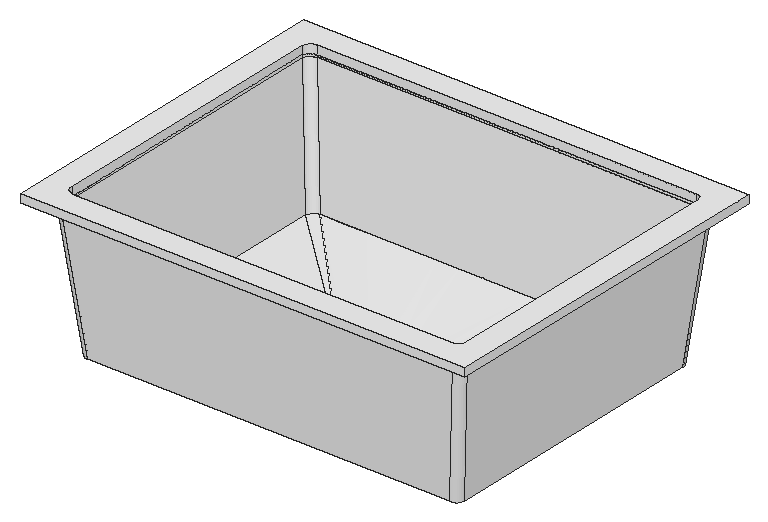
Revit family "BUILDMAT-SGQSSW03-Kenneth-Granite-Sink-White", category Plumbing Fixtures, host Face, Revit 2026
Family settings
  Host = Face
  Round Connector Dimension = Use Diameter
  Part Type = Normal
  Enable Cutting in Views = Yes
  Cut with Voids When Loaded = Yes
  Maintain Annotation Orientation = No
  Shared = No
  Room Calculation Point = No
Parameters
  Width = 430 mm
  Sink_Material = BUILDMAT Matte White Granite
  Length = 540 mm
  Drain_Material = BUILDMAT Stainless Steel
  Default Elevation = 1219.2 mm
Reference planes
  plane 1 "Center (Front/Back)": y = 0
  plane 2: z = 0
  plane 3 "Center (Left/Right)": x = 0
  plane 4: y = 215
  plane 5: y = -215
  plane 6: x = -270
  plane 7: x = 270
  plane 8: x = -240
  plane 9: x = 240
  plane 10: y = 185
  plane 11: y = -185
  plane 12: z = 10
  plane 13: z = -170
  plane 14: z = -190
  plane 15: x = 222.5
  plane 16: x = -222.5
  plane 17: y = 167.5
  plane 18: y = -167.5
  plane 19: x = 57
  plane 20: x = -57
  plane 21: x = 45
  plane 22: x = -45
  plane 23: y = 57
  plane 24: y = 45
  plane 25: y = -45
  plane 26: y = -57
Forms (mm)
  Extrusion 1, solid, material "BUILDMAT Matte White Granite" <- "Sink_Material"
    sketch origin (0, 0, 0) x (1, 0, 0) y (0, 1, 0)
      loop
        line (-270, 215) -> (-270, -215) -> (270, -215) -> (270, 215) -> (-270, 215)
      loop
        arc (-230, 185) -> (-237.071, 182.071) -> (-240, 175) r 10
        line (-240, 175) -> (-240, -175)
        arc (-240, -175) -> (-237.071, -182.071) -> (-230, -185) r 10
        line (-230, -185) -> (230, -185)
        arc (230, -185) -> (237.071, -182.071) -> (240, -175) r 10
        line (240, -175) -> (240, 175)
        arc (240, 175) -> (237.071, 182.071) -> (230, 185) r 10
        line (230, 185) -> (-230, 185)
    from 0 to 10
  Extrusion 2, void
    sketch origin (0, 0, 0) x (1, 0, 0) y (0, 1, 0)
      loop
        line (-258, 203) -> (-258, -203) -> (258, -203) -> (258, 203) -> (-258, 203)
    from -190 to 0
  Extrusion 3, solid, material "BUILDMAT Matte White Granite" <- "Sink_Material"
    sketch origin (0, 0, 0) x (1, 0, 0) y (0, 1, 0)
      loop
        line (-258, 203) -> (-258, -203) -> (258, -203) -> (258, 203) -> (-258, 203)
      loop
        arc (-230, 185) -> (-237.071, 182.071) -> (-240, 175) r 10
        line (-240, 175) -> (-240, -175)
        arc (-240, -175) -> (-237.071, -182.071) -> (-230, -185) r 10
        line (-230, -185) -> (230, -185)
        arc (230, -185) -> (237.071, -182.071) -> (240, -175) r 10
        line (240, -175) -> (240, 175)
        arc (240, 175) -> (237.071, 182.071) -> (230, 185) r 10
        line (230, 185) -> (-230, 185)
    from -3 to 0
  SweptBlend 4, solid, material "BUILDMAT Matte White Granite" <- "Sink_Material"
    path origin (0, 0, 0) x (1, 0, 0) y (0, 0, 1)
      loop
        line (0, -170) -> (0, -3)
    profile origin (0, 0, -170) x (-1, 0, 0) y (0, -1, 0)
      loop
        arc (220, -175) -> (227.071, -172.071) -> (230, -165) r 10
        line (230, -165) -> (230, 165)
        arc (230, 165) -> (227.071, 172.071) -> (220, 175) r 10
        line (220, 175) -> (-220, 175)
        arc (-220, 175) -> (-227.071, 172.071) -> (-230, 165) r 10
        line (-230, 165) -> (-230, -165)
        arc (-230, -165) -> (-227.071, -172.071) -> (-220, -175) r 10
        line (-220, -175) -> (220, -175)
    end profile origin (0, 0, -3) x (-1, 0, 0) y (0, -1, 0)
      loop
        arc (238, -193) -> (245.071, -190.071) -> (248, -183) r 10
        line (248, -183) -> (248, 183)
        arc (248, 183) -> (245.071, 190.071) -> (238, 193) r 10
        line (238, 193) -> (-238, 193)
        arc (-238, 193) -> (-245.071, 190.071) -> (-248, 183) r 10
        line (-248, 183) -> (-248, -183)
        arc (-248, -183) -> (-245.071, -190.071) -> (-238, -193) r 10
        line (-238, -193) -> (238, -193)
  SweptBlend 5, solid, material "BUILDMAT Matte White Granite" <- "Sink_Material"
    path origin (0, 0, 0) x (1, 0, 0) y (0, 0, 1)
      loop
        line (0, -185) -> (0, -170)
    profile origin (0, 0, -185) x (-1, 0, 0) y (0, -1, 0)
      loop
        circle (0, 0) r 70
    end profile origin (0, 0, -170) x (-1, 0, 0) y (0, -1, 0)
      loop
        line (230, -165) -> (230, 165)
        arc (230, 165) -> (227.071, 172.071) -> (220, 175) r 10
        line (220, 175) -> (-220, 175)
        arc (-220, 175) -> (-227.071, 172.071) -> (-230, 165) r 10
        line (-230, 165) -> (-230, -165)
        arc (-230, -165) -> (-227.071, -172.071) -> (-220, -175) r 10
        line (-220, -175) -> (220, -175)
        arc (220, -175) -> (227.071, -172.071) -> (230, -165) r 10
  Revolve 6, solid, material "BUILDMAT Matte White Granite" <- "Sink_Material"
    sketch origin (0, 0, 0) x (1, 0, 0) y (0, 0, 1)
      loop
        line (-70, -185) -> (-63, -190) -> (0, -190) -> (0, -185) -> (-70, -185)
      axis (0, -190) -> (0, -185)
    angle from 0 to 360
  Blend 7, void
    base sketch origin (0, 0, 0) x (1, 0, 0) y (0, 1, 0)
      loop
        arc (-212.5, 167.5) -> (-219.571, 164.571) -> (-222.5, 157.5) r 10
        line (-222.5, 157.5) -> (-222.5, -157.5)
        arc (-222.5, -157.5) -> (-219.571, -164.571) -> (-212.5, -167.5) r 10
        line (-212.5, -167.5) -> (212.5, -167.5)
        arc (212.5, -167.5) -> (219.571, -164.571) -> (222.5, -157.5) r 10
        line (222.5, -157.5) -> (222.5, 157.5)
        arc (222.5, 157.5) -> (219.571, 164.571) -> (212.5, 167.5) r 10
        line (212.5, 167.5) -> (-212.5, 167.5)
    top sketch origin (0, 0, 0) x (1, 0, 0) y (0, 1, 0)
      loop
        line (-240, 175) -> (-240, -175)
        arc (-240, -175) -> (-237.071, -182.071) -> (-230, -185) r 10
        line (-230, -185) -> (230, -185)
        arc (230, -185) -> (237.071, -182.071) -> (240, -175) r 10
        line (240, -175) -> (240, 175)
        arc (240, 175) -> (237.071, 182.071) -> (230, 185) r 10
        line (230, 185) -> (-230, 185)
        arc (-230, 185) -> (-237.071, 182.071) -> (-240, 175) r 10
    from -160 to -3
  Blend 8, void
    base sketch origin (0, 0, 0) x (1, 0, 0) y (0, 1, 0)
      loop
        circle (0, 0) r 57
    top sketch origin (0, 0, 0) x (1, 0, 0) y (0, 1, 0)
      loop
        arc (-212.5, 167.5) -> (-219.571, 164.571) -> (-222.5, 157.5) r 10
        line (-222.5, 157.5) -> (-222.5, -157.5)
        arc (-222.5, -157.5) -> (-219.571, -164.571) -> (-212.5, -167.5) r 10
        line (-212.5, -167.5) -> (212.5, -167.5)
        arc (212.5, -167.5) -> (219.571, -164.571) -> (222.5, -157.5) r 10
        line (222.5, -157.5) -> (222.5, 157.5)
        arc (222.5, 157.5) -> (219.571, 164.571) -> (212.5, 167.5) r 10
        line (212.5, 167.5) -> (-212.5, 167.5)
    from -170 to -160
  Revolve 9, void
    sketch origin (0, 0, 0) x (1, 0, 0) y (0, 0, 1)
      loop
        line (0, -170) -> (-57, -170) -> (-57, -175) -> (-45, -175) -> (-45, -190) -> (0, -190) -> (0, -170)
      axis (0, -170) -> (0, -190)
    angle from 0 to 360
  Revolve 10, solid, material "BUILDMAT Stainless Steel" <- "Drain_Material"
    sketch origin (-229.098, 0, 1239.2) x (-1, 0, 0) y (0, 0, 1)
      loop
        line (-184.098, -1419.2) -> (-172.098, -1419.2) -> (-172.098, -1409.2) -> (-182.098, -1409.2)
        arc (-182.098, -1409.2) -> (-183.512, -1409.786) -> (-184.098, -1411.2) r 2
        line (-184.098, -1411.2) -> (-184.098, -1419.2)
      axis (-229.098, -1409.2) -> (-229.098, -1419.2)
    angle from 0 to 360
  Revolve 11, solid, material "BUILDMAT Stainless Steel" <- "Drain_Material"
    sketch origin (-229.098, 0, 1239.2) x (-1, 0, 0) y (0, 0, 1)
      loop
        line (-184.098, -1411.2) -> (-186.098, -1411.2)
        spline (-186.098, -1411.2) -> (-186.465, -1411.853) -> (-187.563, -1412.494) -> (-189.371, -1413.113) -> (-191.858, -1413.7) -> (-194.983, -1414.244) -> (-198.692, -1414.736) -> (-202.921, -1415.167) -> (-207.598, -1415.53) -> (-212.642, -1415.819) -> (-217.968, -1416.03) -> (-223.485, -1416.157) -> (-229.098, -1416.2)
        line (-229.098, -1416.2) -> (-229.098, -1419.2) -> (-184.098, -1419.2) -> (-184.098, -1411.2)
      axis (-229.098, -1411.2) -> (-229.098, -1419.2)
    angle from 0 to 360
Cuts and joins
  Extrusion 2 cuts Extrusion 1
  Blend 7, Blend 8, Revolve 9 cuts SweptBlend 4
  Blend 7, Blend 8, Revolve 9 cuts SweptBlend 5
  Revolve 9 cuts Revolve 6
  joined: SweptBlend 4, SweptBlend 5, Revolve 6
Text (mm)
  text "Refer to www.buildmat.com.au for the most current product literature. \nAllow a +/- 5mm tolerance for dimensions shown in the product literature. \nPlease note product details are subject to change due to ongoing product development." at (0.056, -1035.857, 0), in view "Ref. Level"
Dimensions and locks
  "Width": plane 4 to plane 5
  "Length": plane 6 to plane 7
  plane 4 to plane 10 to plane 11 to plane 5 = 30 mm, 370 mm, 30 mm
  cut or joined group of Extrusion 1, Extrusion 2 to cut or joined group of Extrusion 1, Extrusion 2 to cut or joined group of Extrusion 1, Extrusion 2 to cut or joined group of Extrusion 1, Extrusion 2 = 30 mm, 480 mm, 30 mm
  plane 16 to plane 15 = 445 mm
  plane 17 to plane 18 = 335 mm
  plane 12 to plane 14 = 200 mm
  plane 12 to plane 13 = 180 mm
  plane 12 to host face = 10 mm
  plane 20 to plane 19 = 114 mm
  plane 22 to plane 21 = 90 mm
  aligned and locked: plane 2 to host face
  aligned and locked: level to host face
Automatic sketch dimensions
  host sketch curve to host sketch curve = 2438.4 mm  (x2)
  plane 5 to Extrusion 1 sketch curve = 0 mm
  Extrusion 1 sketch curve to plane 6 = 0 mm
  Extrusion 1 sketch curve to plane 8 = 0 mm
  Extrusion 1 sketch curve to plane 10 = 0 mm
  plane 11 to Extrusion 1 sketch curve = 0 mm
  Extrusion 1 sketch curve to plane 9 = 0 mm
  Extrusion 1 sketch curve to plane 7 = 0 mm
  Extrusion 1 sketch curve to plane 4 = 0 mm
  Extrusion 1 sketch curve to plane 16 = 7.5 mm  (x2)
  Extrusion 1 sketch curve to plane 15 = 7.5 mm  (x2)
  plane 6 to Extrusion 2 sketch curve = 12 mm
  plane 7 to Extrusion 2 sketch curve = 12 mm
  Extrusion 2 sketch curve to plane 5 = 12 mm
  Extrusion 2 sketch curve to plane 4 = 12 mm
  Extrusion 3 sketch curve to plane 8 = 0 mm
  Extrusion 3 sketch curve to plane 10 = 0 mm
  plane 11 to Extrusion 3 sketch curve = 0 mm
  Extrusion 3 sketch curve to plane 9 = 0 mm
  plane 6 to Extrusion 3 sketch curve = 12 mm
  Extrusion 3 sketch curve to plane 16 = 7.5 mm  (x2)
  Extrusion 3 sketch curve to plane 15 = 7.5 mm  (x2)
  plane 7 to Extrusion 3 sketch curve = 12 mm
  Extrusion 3 sketch curve to plane 5 = 12 mm
  Extrusion 3 sketch curve to plane 4 = 12 mm
  SweptBlend 4 sketch curve to plane 3 "Center (Left/Right)" = 0 mm
  SweptBlend 4 sketch curve to plane 13 = 0 mm
  SweptBlend 4 sketch curve to level = 3 mm
  profile plane to SweptBlend 4 sketch curve = 230 mm
  SweptBlend 4 sketch curve to SweptBlend 4 sketch curve = 10 mm  (x6)
  SweptBlend 4 sketch curve to profile plane = 220 mm  (x2)
  SweptBlend 4 sketch curve to plane 1 "Center (Front/Back)" = 175 mm
  plane 1 "Center (Front/Back)" to SweptBlend 4 sketch curve = 165 mm
  profile plane to SweptBlend 4 sketch curve = 248 mm
  SweptBlend 4 sketch curve to profile plane = 238 mm  (x2)
  SweptBlend 4 sketch curve to plane 1 "Center (Front/Back)" = 193 mm
  plane 1 "Center (Front/Back)" to SweptBlend 4 sketch curve = 183 mm
  SweptBlend 5 sketch curve to plane 3 "Center (Left/Right)" = 0 mm
  SweptBlend 5 sketch curve to plane 13 = 0 mm
  plane 14 to SweptBlend 5 sketch curve = 5 mm
  plane 1 "Center (Front/Back)" to SweptBlend 5 sketch curve = 0 mm
  SweptBlend 5 sketch curve to profile plane = 0 mm
  profile plane to SweptBlend 5 sketch curve = 230 mm
  SweptBlend 5 sketch curve to SweptBlend 5 sketch curve = 10 mm  (x3)
  SweptBlend 5 sketch curve to profile plane = 220 mm  (x2)
  SweptBlend 5 sketch curve to plane 1 "Center (Front/Back)" = 175 mm
  plane 1 "Center (Front/Back)" to SweptBlend 5 sketch curve = 165 mm
  Revolve 6 sketch curve to plane 14 = 0 mm  (x2)
  Revolve 6 sketch curve to plane 3 "Center (Left/Right)" = 0 mm  (x2)
  Revolve 6 sketch curve to plane 20 = 6 mm
  plane 14 to Revolve 6 sketch curve = 5 mm
  Revolve 6 sketch curve to Revolve 6 sketch curve = 7 mm
  Revolve 6 sketch curve to Revolve 6 sketch curve = 0 mm
  Blend 7 sketch curve to plane 16 = 0 mm
  plane 18 to Blend 7 sketch curve = 0 mm
  Blend 7 sketch curve to plane 17 = 0 mm
  Blend 7 sketch curve to plane 15 = 0 mm
  plane 16 to Blend 7 sketch curve = 10 mm  (x2)
  plane 15 to Blend 7 sketch curve = 10 mm  (x2)
  Blend 7 sketch curve to plane 8 = 0 mm
  Blend 7 sketch curve to plane 10 = 0 mm
  plane 11 to Blend 7 sketch curve = 0 mm
  Blend 7 sketch curve to plane 9 = 0 mm
  Blend 7 sketch curve to plane 16 = 7.5 mm  (x2)
  Blend 7 sketch curve to plane 15 = 7.5 mm  (x2)
  plane 1 "Center (Front/Back)" to Blend 8 sketch curve = 0 mm
  Blend 8 sketch curve to plane 3 "Center (Left/Right)" = 0 mm
  Blend 8 sketch curve to plane 16 = 0 mm
  Blend 8 sketch curve to plane 17 = 0 mm
  plane 18 to Blend 8 sketch curve = 0 mm
  Blend 8 sketch curve to plane 15 = 0 mm
  plane 16 to Blend 8 sketch curve = 10 mm  (x2)
  plane 15 to Blend 8 sketch curve = 10 mm  (x2)
  Revolve 9 sketch curve to plane 13 = 0 mm  (x2)
  Revolve 9 sketch curve to plane 20 = 0 mm
  Revolve 9 sketch curve to plane 14 = 0 mm  (x2)
  plane 22 to Revolve 9 sketch curve = 0 mm
  Revolve 9 sketch curve to plane 3 "Center (Left/Right)" = 0 mm  (x2)
  Revolve 9 sketch curve to plane 13 = 5 mm
  Revolve 10 sketch curve to plane 3 "Center (Left/Right)" = 0 mm
  plane 22 to Revolve 10 sketch curve = 0 mm
  Revolve 10 sketch curve to plane 13 = 0 mm
  Revolve 10 sketch curve to plane 20 = 0 mm
  plane 22 to Revolve 10 sketch curve = 2 mm
  Revolve 10 sketch curve to Revolve 10 sketch curve = 8 mm
  Revolve 10 sketch curve to plane 14 = 16.089 mm
  plane 13 to Revolve 10 sketch curve = 33.911 mm
  Revolve 11 sketch curve to plane 3 "Center (Left/Right)" = 0 mm  (x2)
  plane 22 to Revolve 11 sketch curve = 0 mm
  Revolve 11 sketch curve to Revolve 11 sketch curve = 2 mm
  Revolve 11 sketch curve to plane 13 = 10 mm
  Revolve 11 sketch curve to Revolve 11 sketch curve = 3 mm
  Revolve 11 sketch curve to plane 13 = 2 mm
  Revolve 11 sketch curve to plane 14 = 17.809 mm
  plane 13 to Revolve 11 sketch curve = 29.46 mm
  radius of SweptBlend 5 sketch curve = 70 mm
  radius of Blend 8 sketch curve = 57 mm
